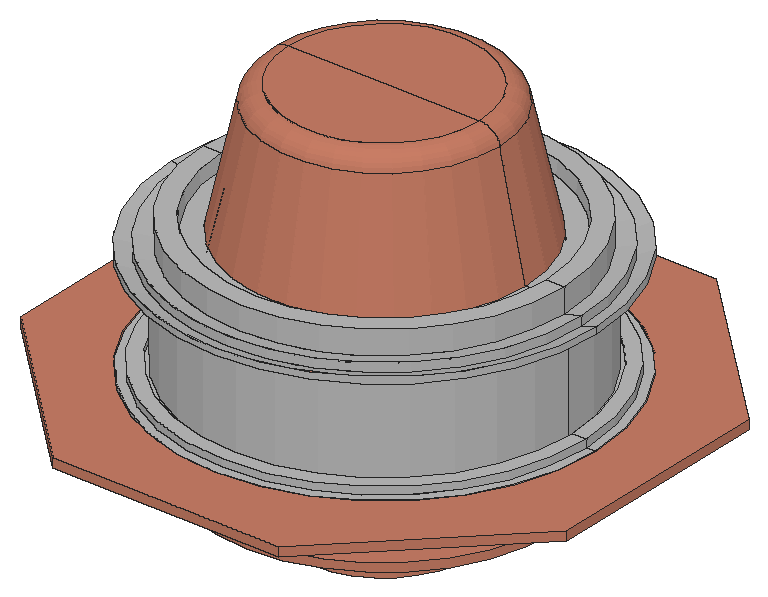
Revit family
Parameters (values of type "1018-06")
  Weight (lb) = 50.49
  Waste Connection = no
  Warranty = "1 year material and workmanship"  # constant formula
  Vent Connection = no
  URL = "http://www.jrsmith.com"
  Threaded = yes
  Technical and Installation = "http://www.jrsmith.com/products/roof/tech_data_index.htm"
  SmartBIM Object Version = 3  # constant formula
  SmartBIM Object Created By = "Reed Construction Data"  # constant formula
  Push On = yes
  Product URL = "http://www.jrsmith.com/products/roof/submittal/d1018.pdf"
  Pipe Radius = Pipe Diameter / 2  # 3"
  Pipe Diameter = 6"
  OmniClass Title = "Roof Drains"  # constant formula
  OmniClass Code = "22-22 14 26 13"  # constant formula
  No Hub = yes
  Model = "1018"  # constant formula
  Material Finish = Cast Iron
  Material = Duco coated
  Manufacturer = "Jay R. Smith Mfg. Co. "  # constant formula
  HW Connection = no
  Dome Free Area = "102.5"
  Description = "Duco cast iron body with flashing clamp, perforated stainless steel extension, gravel stop and polyethylene dome"  # constant formula
  Default Elevation = 0"
  Caulk = yes
  CW Connection = no
  Assembly Code = "D2040200"
  95 CSI = "15165"  # constant formula
  04 CSI = "22 14 35"  # constant formula
Types (5): name | Weight (lb) | Pipe Radius | Pipe Diameter
  1018-02 | 54.93 | 1" | 2"
  1018-03 | 46.8 | 1 1/2" | 3"
  1018-04 | 37.88 | 2" | 4"
  1018-05 | 42.02 | 2 1/2" | 5"
  1018-06 | 50.49 | 3" | 6"
Reference planes (in)
  plane 1 "Center (Front/Back)": y = 0
  plane 2: z = 0
  plane 3 "Center (Left/Right)": x = 0
Forms (in)
  Revolve 1, solid, material "Cast Iron" <- "Material Finish"
    sketch origin (0, 0, 0) x (1, 0, 0) y (0, 0, 1)
      loop
        line (3.28647, -2.55423) -> (3, -2.55423) -> (3, -4.68382) -> (3.28647, -4.68382) -> (3.28647, -2.55423)
      axis (0, -2.55423) -> (0, -4.68382)
    angle from 0 to 360
  Revolve 2, solid, material "Cast Iron" <- "Material Finish"
    sketch origin (0, 0, 0.0625) x (1, 0, 0) y (0, 0, 1)
      loop
        line (3.28647, -2.57353) -> (3.28647, -2.88879) -> (6.29339, -2.88879) -> (6.29339, -2.57353) -> (3.28647, -2.57353)
      axis (0, -2.57353) -> (0, -2.88879)
    angle from 0 to 360
  Revolve 3, solid, material "Cast Iron" <- "Material Finish"
    sketch origin (0, 0, 0.33594) x (1, 0, 0) y (0, 0, 1)
      loop
        line (0, 8.92576) -> (3.52798, 8.92576)
        arc (3.52798, 8.92576) -> (3.76077, 8.84476) -> (3.89299, 8.63676) r 0.375
        line (3.89299, 8.63676) -> (5.92773, 0) -> (6.17336, 0) -> (4.22405, 8.74414)
        arc (4.22405, 8.74414) -> (3.96112, 9.16614) -> (3.49202, 9.33095) r 0.75
        line (3.49202, 9.33095) -> (0, 9.33095) -> (0, 8.92576)
      axis (0, 9.33095) -> (0, 0)
    angle from 0 to 360
  Revolve 4, solid, material "Duco coated" <- "Material"
    sketch origin (0, 0, 0.33594) x (1, 0, 0) y (0, 0, 1)
      loop
        line (6.24903, -0.33909) -> (7.72955, -0.33909) -> (7.72955, 0) -> (7.4029, 0) -> (7.4029, 0.27386) -> (6.89237, 0.27386) -> (6.89237, 0.139) -> (6.73872, 0.139) -> (6.73872, 3.32122) -> (7.76279, 3.83564) -> (7.76279, 4.07841) -> (7.21914, 3.9065) -> (7.21914, 4.23272) -> (6.60149, 4.11239) -> (6.60149, 4.97724) -> (5.93237, 4.97724) -> (5.86374, 4.51401) -> (5.16946, 4.51401) -> (6.24903, -0.33909)
      axis (0, 4.97724) -> (0, -0.33909)
    angle from 0 to 360
  Revolve 5, solid, material "Cast Iron" <- "Material Finish"
    sketch origin (0, 0, 0.33594) x (1, 0, 0) y (0, 0, 1)
      loop
        line (4.47683, -2.88879) -> (4.81502, -2.44455) -> (5.29119, -2.44455)
        arc (5.29119, -2.44455) -> (5.60222, -2.26673) -> (5.725, -1.93015) r 0.52125
        line (5.725, -1.93015) -> (5.87992, -0.91946) -> (7.73878, -0.33456) -> (6.24903, -0.33456) -> (5.07141, -0.33456) -> (5.07141, -2.0347) -> (4.29339, -2.57353) -> (4.29339, -2.88879) -> (4.47683, -2.88879)
      axis (0, -0.33456) -> (0, -2.88879)
    angle from 0 to 360
  Extrusion 6, solid, material "Cast Iron" <- "Material Finish"
    sketch origin (0, 0, 0.33594) x (1, 0, 0) y (0, 1, 0)
      loop
        line (10, 4.14214) -> (4.14214, 10) -> (-4.14214, 10) -> (-10, 4.14214) -> (-10, -4.14214) -> (-4.14214, -10) -> (4.14214, -10) -> (10, -4.14214) -> (10, 4.14214)
      loop
        circle (0, 0) r 7.76279
    from -0.33456 to 0
Cuts and joins
  joined: Revolve 1, Revolve 2
Lines and regions (in)
  model lines
    curve 1: circle (0, -6.75404, 3.39681) r 0.125 normal (0, -1, 0)
    curve 2: circle (0, -6.75404, 2.89681) r 0.125 normal (0, -1, 0)
    curve 3: circle (0, -6.75404, 2.39681) r 0.125 normal (0, -1, 0)
    curve 4: circle (0, -6.75404, 1.89681) r 0.125 normal (0, -1, 0)
    curve 5: circle (0, -6.75404, 1.39681) r 0.125 normal (0, -1, 0)
    curve 6: circle (0, -6.75404, 0.89681) r 0.125 normal (0, -1, 0)
    curve 13: circle (0.70599, -6.71704, 3.39681) r 0.125 normal (0.1045, -0.9945, 0)
    curve 14: circle (0.70599, -6.71704, 2.89681) r 0.125 normal (0.1045, -0.9945, 0)
    curve 15: circle (0.70599, -6.71704, 2.39681) r 0.125 normal (0.1045, -0.9945, 0)
    curve 16: circle (0.70599, -6.71704, 1.89681) r 0.125 normal (0.1045, -0.9945, 0)
    curve 17: circle (0.70599, -6.71704, 1.39681) r 0.125 normal (0.1045, -0.9945, 0)
    curve 18: circle (0.70599, -6.71704, 0.89681) r 0.125 normal (0.1045, -0.9945, 0)
    curve 19: circle (-0.70599, -6.71704, 3.39681) r 0.125 normal (-0.1045, -0.9945, 0)
    curve 20: circle (-0.70599, -6.71704, 2.89681) r 0.125 normal (-0.1045, -0.9945, 0)
    curve 21: circle (-0.70599, -6.71704, 2.39681) r 0.125 normal (-0.1045, -0.9945, 0)
    curve 22: circle (-0.70599, -6.71704, 1.89681) r 0.125 normal (-0.1045, -0.9945, 0)
    curve 23: circle (-0.70599, -6.71704, 1.39681) r 0.125 normal (-0.1045, -0.9945, 0)
    curve 24: circle (-0.70599, -6.71704, 0.89681) r 0.125 normal (-0.1045, -0.9945, 0)
    curve 25: circle (-1.40424, -6.60644, 3.39681) r 0.125 normal (-0.2079, -0.9781, 0)
    curve 26: circle (-1.40424, -6.60644, 2.89681) r 0.125 normal (-0.2079, -0.9781, 0)
    curve 27: circle (-1.40424, -6.60644, 2.39681) r 0.125 normal (-0.2079, -0.9781, 0)
    curve 28: circle (-1.40424, -6.60644, 1.89681) r 0.125 normal (-0.2079, -0.9781, 0)
    curve 29: circle (-1.40424, -6.60644, 1.39681) r 0.125 normal (-0.2079, -0.9781, 0)
    curve 30: circle (-1.40424, -6.60644, 0.89681) r 0.125 normal (-0.2079, -0.9781, 0)
    curve 31: circle (-2.08711, -6.42347, 3.39681) r 0.125 normal (-0.309, -0.9511, 0)
    curve 32: circle (-2.08711, -6.42347, 2.89681) r 0.125 normal (-0.309, -0.9511, 0)
    curve 33: circle (-2.08711, -6.42347, 2.39681) r 0.125 normal (-0.309, -0.9511, 0)
    curve 34: circle (-2.08711, -6.42347, 1.89681) r 0.125 normal (-0.309, -0.9511, 0)
    curve 35: circle (-2.08711, -6.42347, 1.39681) r 0.125 normal (-0.309, -0.9511, 0)
    curve 36: circle (-2.08711, -6.42347, 0.89681) r 0.125 normal (-0.309, -0.9511, 0)
    curve 37: circle (-2.74711, -6.17012, 3.39681) r 0.125 normal (-0.4067, -0.9135, 0)
    curve 38: circle (-2.74711, -6.17012, 2.89681) r 0.125 normal (-0.4067, -0.9135, 0)
    curve 39: circle (-2.74711, -6.17012, 2.39681) r 0.125 normal (-0.4067, -0.9135, 0)
    curve 40: circle (-2.74711, -6.17012, 1.89681) r 0.125 normal (-0.4067, -0.9135, 0)
    curve 41: circle (-2.74711, -6.17012, 1.39681) r 0.125 normal (-0.4067, -0.9135, 0)
    curve 42: circle (-2.74711, -6.17012, 0.89681) r 0.125 normal (-0.4067, -0.9135, 0)
    curve 43: circle (-3.37702, -5.84917, 3.39681) r 0.125 normal (-0.5, -0.866, 0)
    curve 44: circle (-3.37702, -5.84917, 2.89681) r 0.125 normal (-0.5, -0.866, 0)
    curve 45: circle (-3.37702, -5.84917, 2.39681) r 0.125 normal (-0.5, -0.866, 0)
    curve 46: circle (-3.37702, -5.84917, 1.89681) r 0.125 normal (-0.5, -0.866, 0)
    curve 47: circle (-3.37702, -5.84917, 1.39681) r 0.125 normal (-0.5, -0.866, 0)
    curve 48: circle (-3.37702, -5.84917, 0.89681) r 0.125 normal (-0.5, -0.866, 0)
    curve 49: circle (-3.96992, -5.46413, 3.39681) r 0.125 normal (-0.5878, -0.809, 0)
    curve 50: circle (-3.96992, -5.46413, 2.89681) r 0.125 normal (-0.5878, -0.809, 0)
    curve 51: circle (-3.96992, -5.46413, 2.39681) r 0.125 normal (-0.5878, -0.809, 0)
    curve 52: circle (-3.96992, -5.46413, 1.89681) r 0.125 normal (-0.5878, -0.809, 0)
    curve 53: circle (-3.96992, -5.46413, 1.39681) r 0.125 normal (-0.5878, -0.809, 0)
    curve 54: circle (-3.96992, -5.46413, 0.89681) r 0.125 normal (-0.5878, -0.809, 0)
    curve 55: circle (-4.51933, -5.01923, 3.39681) r 0.125 normal (-0.6691, -0.7431, 0)
    curve 56: circle (-4.51933, -5.01923, 2.89681) r 0.125 normal (-0.6691, -0.7431, 0)
    curve 57: circle (-4.51933, -5.01923, 2.39681) r 0.125 normal (-0.6691, -0.7431, 0)
    curve 58: circle (-4.51933, -5.01923, 1.89681) r 0.125 normal (-0.6691, -0.7431, 0)
    curve 59: circle (-4.51933, -5.01923, 1.39681) r 0.125 normal (-0.6691, -0.7431, 0)
    curve 60: circle (-4.51933, -5.01923, 0.89681) r 0.125 normal (-0.6691, -0.7431, 0)
    curve 61: circle (-5.01923, -4.51933, 3.39681) r 0.125 normal (-0.7431, -0.6691, 0)
    curve 62: circle (-5.01923, -4.51933, 2.89681) r 0.125 normal (-0.7431, -0.6691, 0)
    curve 63: circle (-5.01923, -4.51933, 2.39681) r 0.125 normal (-0.7431, -0.6691, 0)
    curve 64: circle (-5.01923, -4.51933, 1.89681) r 0.125 normal (-0.7431, -0.6691, 0)
    curve 65: circle (-5.01923, -4.51933, 1.39681) r 0.125 normal (-0.7431, -0.6691, 0)
    curve 66: circle (-5.01923, -4.51933, 0.89681) r 0.125 normal (-0.7431, -0.6691, 0)
    curve 67: circle (-5.46413, -3.96992, 3.39681) r 0.125 normal (-0.809, -0.5878, 0)
    curve 68: circle (-5.46413, -3.96992, 2.89681) r 0.125 normal (-0.809, -0.5878, 0)
    curve 69: circle (-5.46413, -3.96992, 2.39681) r 0.125 normal (-0.809, -0.5878, 0)
    curve 70: circle (-5.46413, -3.96992, 1.89681) r 0.125 normal (-0.809, -0.5878, 0)
    curve 71: circle (-5.46413, -3.96992, 1.39681) r 0.125 normal (-0.809, -0.5878, 0)
    curve 72: circle (-5.46413, -3.96992, 0.89681) r 0.125 normal (-0.809, -0.5878, 0)
    curve 73: circle (-5.84917, -3.37702, 3.39681) r 0.125 normal (-0.866, -0.5, 0)
    curve 74: circle (-5.84917, -3.37702, 2.89681) r 0.125 normal (-0.866, -0.5, 0)
    curve 75: circle (-5.84917, -3.37702, 2.39681) r 0.125 normal (-0.866, -0.5, 0)
    curve 76: circle (-5.84917, -3.37702, 1.89681) r 0.125 normal (-0.866, -0.5, 0)
    curve 77: circle (-5.84917, -3.37702, 1.39681) r 0.125 normal (-0.866, -0.5, 0)
    curve 78: circle (-5.84917, -3.37702, 0.89681) r 0.125 normal (-0.866, -0.5, 0)
    curve 79: circle (-6.17012, -2.74711, 3.39681) r 0.125 normal (-0.9135, -0.4067, 0)
    curve 80: circle (-6.17012, -2.74711, 2.89681) r 0.125 normal (-0.9135, -0.4067, 0)
    curve 81: circle (-6.17012, -2.74711, 2.39681) r 0.125 normal (-0.9135, -0.4067, 0)
    curve 82: circle (-6.17012, -2.74711, 1.89681) r 0.125 normal (-0.9135, -0.4067, 0)
    curve 83: circle (-6.17012, -2.74711, 1.39681) r 0.125 normal (-0.9135, -0.4067, 0)
    curve 84: circle (-6.17012, -2.74711, 0.89681) r 0.125 normal (-0.9135, -0.4067, 0)
    curve 85: circle (-6.42347, -2.08711, 3.39681) r 0.125 normal (-0.9511, -0.309, 0)
    curve 86: circle (-6.42347, -2.08711, 2.89681) r 0.125 normal (-0.9511, -0.309, 0)
    curve 87: circle (-6.42347, -2.08711, 2.39681) r 0.125 normal (-0.9511, -0.309, 0)
    curve 88: circle (-6.42347, -2.08711, 1.89681) r 0.125 normal (-0.9511, -0.309, 0)
    curve 89: circle (-6.42347, -2.08711, 1.39681) r 0.125 normal (-0.9511, -0.309, 0)
    curve 90: circle (-6.42347, -2.08711, 0.89681) r 0.125 normal (-0.9511, -0.309, 0)
    curve 91: circle (-6.60644, -1.40424, 3.39681) r 0.125 normal (-0.9781, -0.2079, 0)
    curve 92: circle (-6.60644, -1.40424, 2.89681) r 0.125 normal (-0.9781, -0.2079, 0)
    curve 93: circle (-6.60644, -1.40424, 2.39681) r 0.125 normal (-0.9781, -0.2079, 0)
    curve 94: circle (-6.60644, -1.40424, 1.89681) r 0.125 normal (-0.9781, -0.2079, 0)
    curve 95: circle (-6.60644, -1.40424, 1.39681) r 0.125 normal (-0.9781, -0.2079, 0)
    curve 96: circle (-6.60644, -1.40424, 0.89681) r 0.125 normal (-0.9781, -0.2079, 0)
    curve 97: circle (-6.71704, -0.70599, 3.39681) r 0.125 normal (-0.9945, -0.1045, 0)
    curve 98: circle (-6.71704, -0.70599, 2.89681) r 0.125 normal (-0.9945, -0.1045, 0)
    curve 99: circle (-6.71704, -0.70599, 2.39681) r 0.125 normal (-0.9945, -0.1045, 0)
    curve 100: circle (-6.71704, -0.70599, 1.89681) r 0.125 normal (-0.9945, -0.1045, 0)
    curve 101: circle (-6.71704, -0.70599, 1.39681) r 0.125 normal (-0.9945, -0.1045, 0)
    curve 102: circle (-6.71704, -0.70599, 0.89681) r 0.125 normal (-0.9945, -0.1045, 0)
    curve 103: circle (-6.75404, 0, 3.39681) r 0.125 normal (-1, 0, 0)
    curve 104: circle (-6.75404, 0, 2.89681) r 0.125 normal (-1, 0, 0)
    curve 105: circle (-6.75404, 0, 2.39681) r 0.125 normal (-1, 0, 0)
    curve 106: circle (-6.75404, 0, 1.89681) r 0.125 normal (-1, 0, 0)
    curve 107: circle (-6.75404, 0, 1.39681) r 0.125 normal (-1, 0, 0)
    curve 108: circle (-6.75404, 0, 0.89681) r 0.125 normal (-1, 0, 0)
    curve 109: circle (-6.71704, 0.70599, 3.39681) r 0.125 normal (-0.9945, 0.1045, 0)
    curve 110: circle (-6.71704, 0.70599, 2.89681) r 0.125 normal (-0.9945, 0.1045, 0)
    curve 111: circle (-6.71704, 0.70599, 2.39681) r 0.125 normal (-0.9945, 0.1045, 0)
    curve 112: circle (-6.71704, 0.70599, 1.89681) r 0.125 normal (-0.9945, 0.1045, 0)
    curve 113: circle (-6.71704, 0.70599, 1.39681) r 0.125 normal (-0.9945, 0.1045, 0)
    curve 114: circle (-6.71704, 0.70599, 0.89681) r 0.125 normal (-0.9945, 0.1045, 0)
    curve 115: circle (-6.60644, 1.40424, 3.39681) r 0.125 normal (-0.9781, 0.2079, 0)
    curve 116: circle (-6.60644, 1.40424, 2.89681) r 0.125 normal (-0.9781, 0.2079, 0)
    curve 117: circle (-6.60644, 1.40424, 2.39681) r 0.125 normal (-0.9781, 0.2079, 0)
    curve 118: circle (-6.60644, 1.40424, 1.89681) r 0.125 normal (-0.9781, 0.2079, 0)
    curve 119: circle (-6.60644, 1.40424, 1.39681) r 0.125 normal (-0.9781, 0.2079, 0)
    curve 120: circle (-6.60644, 1.40424, 0.89681) r 0.125 normal (-0.9781, 0.2079, 0)
    curve 121: circle (-6.42347, 2.08711, 3.39681) r 0.125 normal (-0.9511, 0.309, 0)
    curve 122: circle (-6.42347, 2.08711, 2.89681) r 0.125 normal (-0.9511, 0.309, 0)
    curve 123: circle (-6.42347, 2.08711, 2.39681) r 0.125 normal (-0.9511, 0.309, 0)
    curve 124: circle (-6.42347, 2.08711, 1.89681) r 0.125 normal (-0.9511, 0.309, 0)
    curve 125: circle (-6.42347, 2.08711, 1.39681) r 0.125 normal (-0.9511, 0.309, 0)
    curve 126: circle (-6.42347, 2.08711, 0.89681) r 0.125 normal (-0.9511, 0.309, 0)
    curve 127: circle (-6.17012, 2.74711, 3.39681) r 0.125 normal (-0.9135, 0.4067, 0)
    curve 128: circle (-6.17012, 2.74711, 2.89681) r 0.125 normal (-0.9135, 0.4067, 0)
    curve 129: circle (-6.17012, 2.74711, 2.39681) r 0.125 normal (-0.9135, 0.4067, 0)
    curve 130: circle (-6.17012, 2.74711, 1.89681) r 0.125 normal (-0.9135, 0.4067, 0)
    curve 131: circle (-6.17012, 2.74711, 1.39681) r 0.125 normal (-0.9135, 0.4067, 0)
    curve 132: circle (-6.17012, 2.74711, 0.89681) r 0.125 normal (-0.9135, 0.4067, 0)
    curve 133: circle (-5.84917, 3.37702, 3.39681) r 0.125 normal (-0.866, 0.5, 0)
    curve 134: circle (-5.84917, 3.37702, 2.89681) r 0.125 normal (-0.866, 0.5, 0)
    curve 135: circle (-5.84917, 3.37702, 2.39681) r 0.125 normal (-0.866, 0.5, 0)
    curve 136: circle (-5.84917, 3.37702, 1.89681) r 0.125 normal (-0.866, 0.5, 0)
    curve 137: circle (-5.84917, 3.37702, 1.39681) r 0.125 normal (-0.866, 0.5, 0)
    curve 138: circle (-5.84917, 3.37702, 0.89681) r 0.125 normal (-0.866, 0.5, 0)
    curve 139: circle (-5.46413, 3.96992, 3.39681) r 0.125 normal (-0.809, 0.5878, 0)
    curve 140: circle (-5.46413, 3.96992, 2.89681) r 0.125 normal (-0.809, 0.5878, 0)
    curve 141: circle (-5.46413, 3.96992, 2.39681) r 0.125 normal (-0.809, 0.5878, 0)
    curve 142: circle (-5.46413, 3.96992, 1.89681) r 0.125 normal (-0.809, 0.5878, 0)
    curve 143: circle (-5.46413, 3.96992, 1.39681) r 0.125 normal (-0.809, 0.5878, 0)
    curve 144: circle (-5.46413, 3.96992, 0.89681) r 0.125 normal (-0.809, 0.5878, 0)
    curve 145: circle (-5.01923, 4.51933, 3.39681) r 0.125 normal (-0.7431, 0.6691, 0)
    curve 146: circle (-5.01923, 4.51933, 2.89681) r 0.125 normal (-0.7431, 0.6691, 0)
    curve 147: circle (-5.01923, 4.51933, 2.39681) r 0.125 normal (-0.7431, 0.6691, 0)
    curve 148: circle (-5.01923, 4.51933, 1.89681) r 0.125 normal (-0.7431, 0.6691, 0)
    curve 149: circle (-5.01923, 4.51933, 1.39681) r 0.125 normal (-0.7431, 0.6691, 0)
    curve 150: circle (-5.01923, 4.51933, 0.89681) r 0.125 normal (-0.7431, 0.6691, 0)
    curve 151: circle (-4.51933, 5.01923, 3.39681) r 0.125 normal (-0.6691, 0.7431, 0)
    curve 152: circle (-4.51933, 5.01923, 2.89681) r 0.125 normal (-0.6691, 0.7431, 0)
    curve 153: circle (-4.51933, 5.01923, 2.39681) r 0.125 normal (-0.6691, 0.7431, 0)
    curve 154: circle (-4.51933, 5.01923, 1.89681) r 0.125 normal (-0.6691, 0.7431, 0)
    curve 155: circle (-4.51933, 5.01923, 1.39681) r 0.125 normal (-0.6691, 0.7431, 0)
    curve 156: circle (-4.51933, 5.01923, 0.89681) r 0.125 normal (-0.6691, 0.7431, 0)
    curve 157: circle (-3.96992, 5.46413, 3.39681) r 0.125 normal (-0.5878, 0.809, 0)
    curve 158: circle (-3.96992, 5.46413, 2.89681) r 0.125 normal (-0.5878, 0.809, 0)
    curve 159: circle (-3.96992, 5.46413, 2.39681) r 0.125 normal (-0.5878, 0.809, 0)
    curve 160: circle (-3.96992, 5.46413, 1.89681) r 0.125 normal (-0.5878, 0.809, 0)
    curve 161: circle (-3.96992, 5.46413, 1.39681) r 0.125 normal (-0.5878, 0.809, 0)
    curve 162: circle (-3.96992, 5.46413, 0.89681) r 0.125 normal (-0.5878, 0.809, 0)
    curve 163: circle (-3.37702, 5.84917, 3.39681) r 0.125 normal (-0.5, 0.866, 0)
    curve 164: circle (-3.37702, 5.84917, 2.89681) r 0.125 normal (-0.5, 0.866, 0)
    curve 165: circle (-3.37702, 5.84917, 2.39681) r 0.125 normal (-0.5, 0.866, 0)
    curve 166: circle (-3.37702, 5.84917, 1.89681) r 0.125 normal (-0.5, 0.866, 0)
    curve 167: circle (-3.37702, 5.84917, 1.39681) r 0.125 normal (-0.5, 0.866, 0)
    curve 168: circle (-3.37702, 5.84917, 0.89681) r 0.125 normal (-0.5, 0.866, 0)
    curve 169: circle (-2.74711, 6.17012, 3.39681) r 0.125 normal (-0.4067, 0.9135, 0)
    curve 170: circle (-2.74711, 6.17012, 2.89681) r 0.125 normal (-0.4067, 0.9135, 0)
    curve 171: circle (-2.74711, 6.17012, 2.39681) r 0.125 normal (-0.4067, 0.9135, 0)
    curve 172: circle (-2.74711, 6.17012, 1.89681) r 0.125 normal (-0.4067, 0.9135, 0)
    curve 173: circle (-2.74711, 6.17012, 1.39681) r 0.125 normal (-0.4067, 0.9135, 0)
    curve 174: circle (-2.74711, 6.17012, 0.89681) r 0.125 normal (-0.4067, 0.9135, 0)
    curve 175: circle (-2.08711, 6.42347, 3.39681) r 0.125 normal (-0.309, 0.9511, 0)
    curve 176: circle (-2.08711, 6.42347, 2.89681) r 0.125 normal (-0.309, 0.9511, 0)
    curve 177: circle (-2.08711, 6.42347, 2.39681) r 0.125 normal (-0.309, 0.9511, 0)
    curve 178: circle (-2.08711, 6.42347, 1.89681) r 0.125 normal (-0.309, 0.9511, 0)
    curve 179: circle (-2.08711, 6.42347, 1.39681) r 0.125 normal (-0.309, 0.9511, 0)
    curve 180: circle (-2.08711, 6.42347, 0.89681) r 0.125 normal (-0.309, 0.9511, 0)
    curve 181: circle (-1.40424, 6.60644, 3.39681) r 0.125 normal (-0.2079, 0.9781, 0)
    curve 182: circle (-1.40424, 6.60644, 2.89681) r 0.125 normal (-0.2079, 0.9781, 0)
    curve 183: circle (-1.40424, 6.60644, 2.39681) r 0.125 normal (-0.2079, 0.9781, 0)
    curve 184: circle (-1.40424, 6.60644, 1.89681) r 0.125 normal (-0.2079, 0.9781, 0)
    curve 185: circle (-1.40424, 6.60644, 1.39681) r 0.125 normal (-0.2079, 0.9781, 0)
    curve 186: circle (-1.40424, 6.60644, 0.89681) r 0.125 normal (-0.2079, 0.9781, 0)
    curve 187: circle (-0.70599, 6.71704, 3.39681) r 0.125 normal (-0.1045, 0.9945, 0)
    curve 188: circle (-0.70599, 6.71704, 2.89681) r 0.125 normal (-0.1045, 0.9945, 0)
    curve 189: circle (-0.70599, 6.71704, 2.39681) r 0.125 normal (-0.1045, 0.9945, 0)
    curve 190: circle (-0.70599, 6.71704, 1.89681) r 0.125 normal (-0.1045, 0.9945, 0)
    curve 191: circle (-0.70599, 6.71704, 1.39681) r 0.125 normal (-0.1045, 0.9945, 0)
    curve 192: circle (-0.70599, 6.71704, 0.89681) r 0.125 normal (-0.1045, 0.9945, 0)
    curve 193: circle (0, 6.75404, 3.39681) r 0.125 normal (0, 1, 0)
    curve 194: circle (0, 6.75404, 2.89681) r 0.125 normal (0, 1, 0)
    curve 195: circle (0, 6.75404, 2.39681) r 0.125 normal (0, 1, 0)
    curve 196: circle (0, 6.75404, 1.89681) r 0.125 normal (0, 1, 0)
    curve 197: circle (0, 6.75404, 1.39681) r 0.125 normal (0, 1, 0)
    curve 198: circle (0, 6.75404, 0.89681) r 0.125 normal (0, 1, 0)
    curve 199: circle (0.70599, 6.71704, 3.39681) r 0.125 normal (0.1045, 0.9945, 0)
    curve 200: circle (0.70599, 6.71704, 2.89681) r 0.125 normal (0.1045, 0.9945, 0)
    curve 201: circle (0.70599, 6.71704, 2.39681) r 0.125 normal (0.1045, 0.9945, 0)
    curve 202: circle (0.70599, 6.71704, 1.89681) r 0.125 normal (0.1045, 0.9945, 0)
    curve 203: circle (0.70599, 6.71704, 1.39681) r 0.125 normal (0.1045, 0.9945, 0)
    curve 204: circle (0.70599, 6.71704, 0.89681) r 0.125 normal (0.1045, 0.9945, 0)
    curve 205: circle (1.40424, 6.60644, 3.39681) r 0.125 normal (0.2079, 0.9781, 0)
    curve 206: circle (1.40424, 6.60644, 2.89681) r 0.125 normal (0.2079, 0.9781, 0)
    curve 207: circle (1.40424, 6.60644, 2.39681) r 0.125 normal (0.2079, 0.9781, 0)
    curve 208: circle (1.40424, 6.60644, 1.89681) r 0.125 normal (0.2079, 0.9781, 0)
    curve 209: circle (1.40424, 6.60644, 1.39681) r 0.125 normal (0.2079, 0.9781, 0)
    curve 210: circle (1.40424, 6.60644, 0.89681) r 0.125 normal (0.2079, 0.9781, 0)
    curve 211: circle (2.08711, 6.42347, 3.39681) r 0.125 normal (0.309, 0.9511, 0)
    curve 212: circle (2.08711, 6.42347, 2.89681) r 0.125 normal (0.309, 0.9511, 0)
    curve 213: circle (2.08711, 6.42347, 2.39681) r 0.125 normal (0.309, 0.9511, 0)
    curve 214: circle (2.08711, 6.42347, 1.89681) r 0.125 normal (0.309, 0.9511, 0)
    curve 215: circle (2.08711, 6.42347, 1.39681) r 0.125 normal (0.309, 0.9511, 0)
    curve 216: circle (2.08711, 6.42347, 0.89681) r 0.125 normal (0.309, 0.9511, 0)
    curve 217: circle (2.74711, 6.17012, 3.39681) r 0.125 normal (0.4067, 0.9135, 0)
    curve 218: circle (2.74711, 6.17012, 2.89681) r 0.125 normal (0.4067, 0.9135, 0)
    curve 219: circle (2.74711, 6.17012, 2.39681) r 0.125 normal (0.4067, 0.9135, 0)
    curve 220: circle (2.74711, 6.17012, 1.89681) r 0.125 normal (0.4067, 0.9135, 0)
    curve 221: circle (2.74711, 6.17012, 1.39681) r 0.125 normal (0.4067, 0.9135, 0)
    curve 222: circle (2.74711, 6.17012, 0.89681) r 0.125 normal (0.4067, 0.9135, 0)
    curve 223: circle (3.37702, 5.84917, 3.39681) r 0.125 normal (0.5, 0.866, 0)
    curve 224: circle (3.37702, 5.84917, 2.89681) r 0.125 normal (0.5, 0.866, 0)
    curve 225: circle (3.37702, 5.84917, 2.39681) r 0.125 normal (0.5, 0.866, 0)
    curve 226: circle (3.37702, 5.84917, 1.89681) r 0.125 normal (0.5, 0.866, 0)
    curve 227: circle (3.37702, 5.84917, 1.39681) r 0.125 normal (0.5, 0.866, 0)
    curve 228: circle (3.37702, 5.84917, 0.89681) r 0.125 normal (0.5, 0.866, 0)
    curve 229: circle (3.96992, 5.46413, 3.39681) r 0.125 normal (0.5878, 0.809, 0)
    curve 230: circle (3.96992, 5.46413, 2.89681) r 0.125 normal (0.5878, 0.809, 0)
    curve 231: circle (3.96992, 5.46413, 2.39681) r 0.125 normal (0.5878, 0.809, 0)
    curve 232: circle (3.96992, 5.46413, 1.89681) r 0.125 normal (0.5878, 0.809, 0)
    curve 233: circle (3.96992, 5.46413, 1.39681) r 0.125 normal (0.5878, 0.809, 0)
    curve 234: circle (3.96992, 5.46413, 0.89681) r 0.125 normal (0.5878, 0.809, 0)
    curve 235: circle (4.51933, 5.01923, 3.39681) r 0.125 normal (0.6691, 0.7431, 0)
    curve 236: circle (4.51933, 5.01923, 2.89681) r 0.125 normal (0.6691, 0.7431, 0)
    curve 237: circle (4.51933, 5.01923, 2.39681) r 0.125 normal (0.6691, 0.7431, 0)
    curve 238: circle (4.51933, 5.01923, 1.89681) r 0.125 normal (0.6691, 0.7431, 0)
    curve 239: circle (4.51933, 5.01923, 1.39681) r 0.125 normal (0.6691, 0.7431, 0)
    curve 240: circle (4.51933, 5.01923, 0.89681) r 0.125 normal (0.6691, 0.7431, 0)
    curve 241: circle (5.01923, 4.51933, 3.39681) r 0.125 normal (0.7431, 0.6691, 0)
    curve 242: circle (5.01923, 4.51933, 2.89681) r 0.125 normal (0.7431, 0.6691, 0)
    curve 243: circle (5.01923, 4.51933, 2.39681) r 0.125 normal (0.7431, 0.6691, 0)
    curve 244: circle (5.01923, 4.51933, 1.89681) r 0.125 normal (0.7431, 0.6691, 0)
    curve 245: circle (5.01923, 4.51933, 1.39681) r 0.125 normal (0.7431, 0.6691, 0)
    curve 246: circle (5.01923, 4.51933, 0.89681) r 0.125 normal (0.7431, 0.6691, 0)
    curve 247: circle (5.46413, 3.96992, 3.39681) r 0.125 normal (0.809, 0.5878, 0)
    curve 248: circle (5.46413, 3.96992, 2.89681) r 0.125 normal (0.809, 0.5878, 0)
    curve 249: circle (5.46413, 3.96992, 2.39681) r 0.125 normal (0.809, 0.5878, 0)
    curve 250: circle (5.46413, 3.96992, 1.89681) r 0.125 normal (0.809, 0.5878, 0)
    curve 251: circle (5.46413, 3.96992, 1.39681) r 0.125 normal (0.809, 0.5878, 0)
    curve 252: circle (5.46413, 3.96992, 0.89681) r 0.125 normal (0.809, 0.5878, 0)
    curve 253: circle (5.84917, 3.37702, 3.39681) r 0.125 normal (0.866, 0.5, 0)
    curve 254: circle (5.84917, 3.37702, 2.89681) r 0.125 normal (0.866, 0.5, 0)
    curve 255: circle (5.84917, 3.37702, 2.39681) r 0.125 normal (0.866, 0.5, 0)
    curve 256: circle (5.84917, 3.37702, 1.89681) r 0.125 normal (0.866, 0.5, 0)
    curve 257: circle (5.84917, 3.37702, 1.39681) r 0.125 normal (0.866, 0.5, 0)
    curve 258: circle (5.84917, 3.37702, 0.89681) r 0.125 normal (0.866, 0.5, 0)
    curve 259: circle (6.17012, 2.74711, 3.39681) r 0.125 normal (0.9135, 0.4067, 0)
    curve 260: circle (6.17012, 2.74711, 2.89681) r 0.125 normal (0.9135, 0.4067, 0)
    curve 261: circle (6.17012, 2.74711, 2.39681) r 0.125 normal (0.9135, 0.4067, 0)
    curve 262: circle (6.17012, 2.74711, 1.89681) r 0.125 normal (0.9135, 0.4067, 0)
    curve 263: circle (6.17012, 2.74711, 1.39681) r 0.125 normal (0.9135, 0.4067, 0)
    curve 264: circle (6.17012, 2.74711, 0.89681) r 0.125 normal (0.9135, 0.4067, 0)
    curve 265: circle (6.42347, 2.08711, 3.39681) r 0.125 normal (0.9511, 0.309, 0)
    curve 266: circle (6.42347, 2.08711, 2.89681) r 0.125 normal (0.9511, 0.309, 0)
    curve 267: circle (6.42347, 2.08711, 2.39681) r 0.125 normal (0.9511, 0.309, 0)
    curve 268: circle (6.42347, 2.08711, 1.89681) r 0.125 normal (0.9511, 0.309, 0)
    curve 269: circle (6.42347, 2.08711, 1.39681) r 0.125 normal (0.9511, 0.309, 0)
    curve 270: circle (6.42347, 2.08711, 0.89681) r 0.125 normal (0.9511, 0.309, 0)
    curve 271: circle (6.60644, 1.40424, 3.39681) r 0.125 normal (0.9781, 0.2079, 0)
    curve 272: circle (6.60644, 1.40424, 2.89681) r 0.125 normal (0.9781, 0.2079, 0)
    curve 273: circle (6.60644, 1.40424, 2.39681) r 0.125 normal (0.9781, 0.2079, 0)
    curve 274: circle (6.60644, 1.40424, 1.89681) r 0.125 normal (0.9781, 0.2079, 0)
    curve 275: circle (6.60644, 1.40424, 1.39681) r 0.125 normal (0.9781, 0.2079, 0)
    curve 276: circle (6.60644, 1.40424, 0.89681) r 0.125 normal (0.9781, 0.2079, 0)
    curve 277: circle (6.71704, 0.70599, 3.39681) r 0.125 normal (0.9945, 0.1045, 0)
    curve 278: circle (6.71704, 0.70599, 2.89681) r 0.125 normal (0.9945, 0.1045, 0)
    curve 279: circle (6.71704, 0.70599, 2.39681) r 0.125 normal (0.9945, 0.1045, 0)
    curve 280: circle (6.71704, 0.70599, 1.89681) r 0.125 normal (0.9945, 0.1045, 0)
    curve 281: circle (6.71704, 0.70599, 1.39681) r 0.125 normal (0.9945, 0.1045, 0)
    curve 282: circle (6.71704, 0.70599, 0.89681) r 0.125 normal (0.9945, 0.1045, 0)
    curve 283: circle (6.75404, 0, 3.39681) r 0.125 normal (1, 0, 0)
    curve 284: circle (6.75404, 0, 2.89681) r 0.125 normal (1, 0, 0)
    curve 285: circle (6.75404, 0, 2.39681) r 0.125 normal (1, 0, 0)
    curve 286: circle (6.75404, 0, 1.89681) r 0.125 normal (1, 0, 0)
    curve 287: circle (6.75404, 0, 1.39681) r 0.125 normal (1, 0, 0)
    curve 288: circle (6.75404, 0, 0.89681) r 0.125 normal (1, 0, 0)
    curve 289: circle (6.71704, -0.70599, 3.39681) r 0.125 normal (0.9945, -0.1045, 0)
    curve 290: circle (6.71704, -0.70599, 2.89681) r 0.125 normal (0.9945, -0.1045, 0)
    curve 291: circle (6.71704, -0.70599, 2.39681) r 0.125 normal (0.9945, -0.1045, 0)
    curve 292: circle (6.71704, -0.70599, 1.89681) r 0.125 normal (0.9945, -0.1045, 0)
    curve 293: circle (6.71704, -0.70599, 1.39681) r 0.125 normal (0.9945, -0.1045, 0)
    curve 294: circle (6.71704, -0.70599, 0.89681) r 0.125 normal (0.9945, -0.1045, 0)
    curve 295: circle (6.60644, -1.40424, 3.39681) r 0.125 normal (0.9781, -0.2079, 0)
    curve 296: circle (6.60644, -1.40424, 2.89681) r 0.125 normal (0.9781, -0.2079, 0)
    curve 297: circle (6.60644, -1.40424, 2.39681) r 0.125 normal (0.9781, -0.2079, 0)
    curve 298: circle (6.60644, -1.40424, 1.89681) r 0.125 normal (0.9781, -0.2079, 0)
    curve 299: circle (6.60644, -1.40424, 1.39681) r 0.125 normal (0.9781, -0.2079, 0)
    curve 300: circle (6.60644, -1.40424, 0.89681) r 0.125 normal (0.9781, -0.2079, 0)
    curve 301: circle (6.42347, -2.08711, 3.39681) r 0.125 normal (0.9511, -0.309, 0)
    curve 302: circle (6.42347, -2.08711, 2.89681) r 0.125 normal (0.9511, -0.309, 0)
    curve 303: circle (6.42347, -2.08711, 2.39681) r 0.125 normal (0.9511, -0.309, 0)
    curve 304: circle (6.42347, -2.08711, 1.89681) r 0.125 normal (0.9511, -0.309, 0)
    curve 305: circle (6.42347, -2.08711, 1.39681) r 0.125 normal (0.9511, -0.309, 0)
    curve 306: circle (6.42347, -2.08711, 0.89681) r 0.125 normal (0.9511, -0.309, 0)
    curve 307: circle (6.17012, -2.74711, 3.39681) r 0.125 normal (0.9135, -0.4067, 0)
    curve 308: circle (6.17012, -2.74711, 2.89681) r 0.125 normal (0.9135, -0.4067, 0)
    curve 309: circle (6.17012, -2.74711, 2.39681) r 0.125 normal (0.9135, -0.4067, 0)
    curve 310: circle (6.17012, -2.74711, 1.89681) r 0.125 normal (0.9135, -0.4067, 0)
    curve 311: circle (6.17012, -2.74711, 1.39681) r 0.125 normal (0.9135, -0.4067, 0)
    curve 312: circle (6.17012, -2.74711, 0.89681) r 0.125 normal (0.9135, -0.4067, 0)
    curve 313: circle (5.84917, -3.37702, 3.39681) r 0.125 normal (0.866, -0.5, 0)
    curve 314: circle (5.84917, -3.37702, 2.89681) r 0.125 normal (0.866, -0.5, 0)
    curve 315: circle (5.84917, -3.37702, 2.39681) r 0.125 normal (0.866, -0.5, 0)
    curve 316: circle (5.84917, -3.37702, 1.89681) r 0.125 normal (0.866, -0.5, 0)
    curve 317: circle (5.84917, -3.37702, 1.39681) r 0.125 normal (0.866, -0.5, 0)
    curve 318: circle (5.84917, -3.37702, 0.89681) r 0.125 normal (0.866, -0.5, 0)
    curve 319: circle (5.46413, -3.96992, 3.39681) r 0.125 normal (0.809, -0.5878, 0)
    curve 320: circle (5.46413, -3.96992, 2.89681) r 0.125 normal (0.809, -0.5878, 0)
    curve 321: circle (5.46413, -3.96992, 2.39681) r 0.125 normal (0.809, -0.5878, 0)
    curve 322: circle (5.46413, -3.96992, 1.89681) r 0.125 normal (0.809, -0.5878, 0)
    curve 323: circle (5.46413, -3.96992, 1.39681) r 0.125 normal (0.809, -0.5878, 0)
    curve 324: circle (5.46413, -3.96992, 0.89681) r 0.125 normal (0.809, -0.5878, 0)
    curve 325: circle (5.01923, -4.51933, 3.39681) r 0.125 normal (0.7431, -0.6691, 0)
    curve 326: circle (5.01923, -4.51933, 2.89681) r 0.125 normal (0.7431, -0.6691, 0)
    curve 327: circle (5.01923, -4.51933, 2.39681) r 0.125 normal (0.7431, -0.6691, 0)
    curve 328: circle (5.01923, -4.51933, 1.89681) r 0.125 normal (0.7431, -0.6691, 0)
    curve 329: circle (5.01923, -4.51933, 1.39681) r 0.125 normal (0.7431, -0.6691, 0)
    curve 330: circle (5.01923, -4.51933, 0.89681) r 0.125 normal (0.7431, -0.6691, 0)
    curve 331: circle (4.51933, -5.01923, 3.39681) r 0.125 normal (0.6691, -0.7431, 0)
    curve 332: circle (4.51933, -5.01923, 2.89681) r 0.125 normal (0.6691, -0.7431, 0)
    curve 333: circle (4.51933, -5.01923, 2.39681) r 0.125 normal (0.6691, -0.7431, 0)
    curve 334: circle (4.51933, -5.01923, 1.89681) r 0.125 normal (0.6691, -0.7431, 0)
    curve 335: circle (4.51933, -5.01923, 1.39681) r 0.125 normal (0.6691, -0.7431, 0)
    curve 336: circle (4.51933, -5.01923, 0.89681) r 0.125 normal (0.6691, -0.7431, 0)
    curve 337: circle (3.96992, -5.46413, 3.39681) r 0.125 normal (0.5878, -0.809, 0)
    curve 338: circle (3.96992, -5.46413, 2.89681) r 0.125 normal (0.5878, -0.809, 0)
    curve 339: circle (3.96992, -5.46413, 2.39681) r 0.125 normal (0.5878, -0.809, 0)
    curve 340: circle (3.96992, -5.46413, 1.89681) r 0.125 normal (0.5878, -0.809, 0)
    curve 341: circle (3.96992, -5.46413, 1.39681) r 0.125 normal (0.5878, -0.809, 0)
    curve 342: circle (3.96992, -5.46413, 0.89681) r 0.125 normal (0.5878, -0.809, 0)
    curve 343: circle (3.37702, -5.84917, 3.39681) r 0.125 normal (0.5, -0.866, 0)
    curve 344: circle (3.37702, -5.84917, 2.89681) r 0.125 normal (0.5, -0.866, 0)
    curve 345: circle (3.37702, -5.84917, 2.39681) r 0.125 normal (0.5, -0.866, 0)
    curve 346: circle (3.37702, -5.84917, 1.89681) r 0.125 normal (0.5, -0.866, 0)
    curve 347: circle (3.37702, -5.84917, 1.39681) r 0.125 normal (0.5, -0.866, 0)
    curve 348: circle (3.37702, -5.84917, 0.89681) r 0.125 normal (0.5, -0.866, 0)
    curve 349: circle (2.74711, -6.17012, 3.39681) r 0.125 normal (0.4067, -0.9135, 0)
    curve 350: circle (2.74711, -6.17012, 2.89681) r 0.125 normal (0.4067, -0.9135, 0)
    curve 351: circle (2.74711, -6.17012, 2.39681) r 0.125 normal (0.4067, -0.9135, 0)
    curve 352: circle (2.74711, -6.17012, 1.89681) r 0.125 normal (0.4067, -0.9135, 0)
    curve 353: circle (2.74711, -6.17012, 1.39681) r 0.125 normal (0.4067, -0.9135, 0)
    curve 354: circle (2.74711, -6.17012, 0.89681) r 0.125 normal (0.4067, -0.9135, 0)
    curve 355: circle (2.08711, -6.42347, 3.39681) r 0.125 normal (0.309, -0.9511, 0)
    curve 356: circle (2.08711, -6.42347, 2.89681) r 0.125 normal (0.309, -0.9511, 0)
    curve 357: circle (2.08711, -6.42347, 2.39681) r 0.125 normal (0.309, -0.9511, 0)
    curve 358: circle (2.08711, -6.42347, 1.89681) r 0.125 normal (0.309, -0.9511, 0)
    curve 359: circle (2.08711, -6.42347, 1.39681) r 0.125 normal (0.309, -0.9511, 0)
    curve 360: circle (2.08711, -6.42347, 0.89681) r 0.125 normal (0.309, -0.9511, 0)
    curve 361: circle (1.40424, -6.60644, 3.39681) r 0.125 normal (0.2079, -0.9781, 0)
    curve 362: circle (1.40424, -6.60644, 2.89681) r 0.125 normal (0.2079, -0.9781, 0)
    curve 363: circle (1.40424, -6.60644, 2.39681) r 0.125 normal (0.2079, -0.9781, 0)
    curve 364: circle (1.40424, -6.60644, 1.89681) r 0.125 normal (0.2079, -0.9781, 0)
    curve 365: circle (1.40424, -6.60644, 1.39681) r 0.125 normal (0.2079, -0.9781, 0)
    curve 366: circle (1.40424, -6.60644, 0.89681) r 0.125 normal (0.2079, -0.9781, 0)
    curve 367: line (4.37914, -0.29063, 8.79715) -> (5.10903, -0.29063, 5.53529)
    curve 368: line (4.37613, 0.12931, 8.81058) -> (5.10903, 0.12931, 5.53529)
    curve 369: line (5.10903, -0.29063, 5.53529) -> (5.10903, 0.12931, 5.53529)
    curve 370: arc (4.37914, -0.29063, 8.79715) -> (4.33026, -0.08777, 9.0156) -> (4.37613, 0.12931, 8.81058) r 0.21019
    curve 375: line (4.23435, -1.15396, 8.79715) -> (4.94972, -1.29882, 5.53529)
    curve 376: line (4.31475, -0.74178, 8.81058) -> (5.03306, -0.88724, 5.53529)
    curve 377: line (4.94972, -1.29882, 5.53529) -> (5.03306, -0.88724, 5.53529)
    curve 378: arc (4.23435, -1.15396, 8.79715) -> (4.2267, -0.94544, 9.0156) -> (4.31475, -0.74178, 8.81058) r 0.21019
    curve 379: line (4.34366, 0.62764, 8.79715) -> (5.05755, 0.77963, 5.53529)
    curve 380: line (4.25327, 1.03775, 8.81058) -> (4.97011, 1.19036, 5.53529)
    curve 381: line (5.05755, 0.77963, 5.53529) -> (4.97011, 1.19036, 5.53529)
    curve 382: arc (4.34366, 0.62764, 8.79715) -> (4.25361, 0.81587, 9.0156) -> (4.25327, 1.03775, 8.81058) r 0.21019
    curve 383: line (4.11774, 1.51839, 8.79715) -> (4.78433, 1.81571, 5.53529)
    curve 384: line (3.94394, 1.90069, 8.81058) -> (4.61327, 2.19923, 5.53529)
    curve 385: line (4.78433, 1.81571, 5.53529) -> (4.61327, 2.19923, 5.53529)
    curve 386: arc (4.11774, 1.51839, 8.79715) -> (3.99047, 1.68375, 9.0156) -> (3.94394, 1.90069, 8.81058) r 0.21019
    curve 387: line (3.71129, 2.34258, 8.79715) -> (4.30136, 2.77218, 5.53529)
    curve 388: line (3.46169, 2.6803, 8.81058) -> (4.05418, 3.11167, 5.53529)
    curve 389: line (4.30136, 2.77218, 5.53529) -> (4.05418, 3.11167, 5.53529)
    curve 390: arc (3.71129, 2.34258, 8.79715) -> (3.55237, 2.4778, 9.0156) -> (3.46169, 2.6803, 8.81058) r 0.21019
    curve 391: line (3.14212, 3.06405, 8.79715) -> (3.62979, 3.60711, 5.53529)
    curve 392: line (2.82766, 3.34239, 8.81058) -> (3.31734, 3.88769, 5.53529)
    curve 393: line (3.62979, 3.60711, 5.53529) -> (3.31734, 3.88769, 5.53529)
    curve 394: arc (3.14212, 3.06405, 8.79715) -> (2.95853, 3.16322, 9.0156) -> (2.82766, 3.34239, 8.81058) r 0.21019
    curve 395: line (2.43519, 3.65119, 8.79715) -> (2.79909, 4.2839, 5.53529)
    curve 396: line (2.06967, 3.85795, 8.81058) -> (2.43506, 4.49326, 5.53529)
    curve 397: line (2.79909, 4.2839, 5.53529) -> (2.43506, 4.49326, 5.53529)
    curve 398: arc (2.43519, 3.65119, 8.79715) -> (2.23498, 3.70995, 9.0156) -> (2.06967, 3.85795, 8.81058) r 0.21019
    curve 399: line (1.6215, 4.07825, 8.79715) -> (1.84566, 4.77286, 5.53529)
    curve 400: line (1.22093, 4.20435, 8.81058) -> (1.44602, 4.90183, 5.53529)
    curve 401: line (1.84566, 4.77286, 5.53529) -> (1.44602, 4.90183, 5.53529)
    curve 402: arc (1.6215, 4.07825, 8.79715) -> (1.41343, 4.09403, 9.0156) -> (1.22093, 4.20435, 8.81058) r 0.21019
    curve 403: line (0.73671, 4.3265, 8.79715) -> (0.81131, 5.05257, 5.53529)
    curve 404: line (0.31866, 4.36643, 8.81058) -> (0.39357, 5.09549, 5.53529)
    curve 405: line (0.81131, 5.05257, 5.53529) -> (0.39357, 5.09549, 5.53529)
    curve 406: arc (0.73671, 4.3265, 8.79715) -> (0.52992, 4.29861, 9.0156) -> (0.31866, 4.36643, 8.81058) r 0.21019
    curve 407: line (-0.18038, 4.38507, 8.79715) -> (-0.2586, 5.11075, 5.53529)
    curve 408: line (-0.59758, 4.33707, 8.81058) -> (-0.67612, 5.06575, 5.53529)
    curve 409: line (-0.2586, 5.11075, 5.53529) -> (-0.67612, 5.06575, 5.53529)
    curve 410: arc (-0.18038, 4.38507, 8.79715) -> (-0.37683, 4.31472, 9.0156) -> (-0.59758, 4.33707, 8.81058) r 0.21019
    curve 411: line (-1.08956, 4.25138, 8.79715) -> (-1.31718, 4.94487, 5.53529)
    curve 412: line (-1.48761, 4.11756, 8.81058) -> (-1.71618, 4.8139, 5.53529)
    curve 413: line (-1.31718, 4.94487, 5.53529) -> (-1.71618, 4.8139, 5.53529)
    curve 414: arc (-1.08956, 4.25138, 8.79715) -> (-1.26705, 4.14167, 9.0156) -> (-1.48761, 4.11756, 8.81058) r 0.21019
    curve 415: line (-1.95097, 3.93129, 8.79715) -> (-2.31801, 4.56218, 5.53529)
    curve 416: line (-2.31243, 3.71752, 8.81058) -> (-2.68099, 4.351, 5.53529)
    curve 417: line (-2.31801, 4.56218, 5.53529) -> (-2.68099, 4.351, 5.53529)
    curve 418: arc (-1.95097, 3.93129, 8.79715) -> (-2.10172, 3.78703, 9.0156) -> (-2.31243, 3.71752, 8.81058) r 0.21019
    curve 419: line (-2.72684, 3.43885, 8.79715) -> (-3.21721, 3.97947, 5.53529)
    curve 420: line (-3.03586, 3.15449, 8.81058) -> (-3.52826, 3.69734, 5.53529)
    curve 421: line (-3.21721, 3.97947, 5.53529) -> (-3.52826, 3.69734, 5.53529)
    curve 422: arc (-2.72684, 3.43885, 8.79715) -> (-2.84425, 3.26636, 9.0156) -> (-3.03586, 3.15449, 8.81058) r 0.21019
    curve 423: line (-3.38316, 2.79564, 8.79715) -> (-3.97536, 3.22229, 5.53529)
    curve 424: line (-3.62619, 2.45316, 8.81058) -> (-4.22083, 2.88157, 5.53529)
    curve 425: line (-3.97536, 3.22229, 5.53529) -> (-4.22083, 2.88157, 5.53529)
    curve 426: arc (-3.38316, 2.79564, 8.79715) -> (-3.46208, 2.60247, 9.0156) -> (-3.62619, 2.45316, 8.81058) r 0.21019
    curve 427: line (-3.89115, 2.02985, 8.79715) -> (-4.55921, 2.32384, 5.53529)
    curve 428: line (-4.05754, 1.64427, 8.81058) -> (-4.72836, 1.93947, 5.53529)
    curve 429: line (-4.55921, 2.32384, 5.53529) -> (-4.72836, 1.93947, 5.53529)
    curve 430: arc (-3.89115, 2.02985, 8.79715) -> (-3.92811, 1.82449, 9.0156) -> (-4.05754, 1.64427, 8.81058) r 0.21019
    curve 431: line (-4.22854, 1.17507, 8.79715) -> (-4.94318, 1.3235, 5.53529)
    curve 432: line (-4.31099, 0.7633, 8.81058) -> (-5.02857, 0.91234, 5.53529)
    curve 433: line (-4.94318, 1.3235, 5.53529) -> (-5.02857, 0.91234, 5.53529)
    curve 434: arc (-4.22854, 1.17507, 8.79715) -> (-4.22193, 0.96652, 9.0156) -> (-4.31099, 0.7633, 8.81058) r 0.21019
    curve 435: line (-4.38054, 0.26878, 8.79715) -> (-5.11042, 0.26513, 5.53529)
    curve 436: line (-4.37543, -0.15114, 8.81058) -> (-5.10832, -0.1548, 5.53529)
    curve 437: line (-5.11042, 0.26513, 5.53529) -> (-5.10832, -0.1548, 5.53529)
    curve 438: arc (-4.38054, 0.26878, 8.79715) -> (-4.33064, 0.06617, 9.0156) -> (-4.37543, -0.15114, 8.81058) r 0.21019
    curve 439: line (-4.34048, -0.64931, 8.79715) -> (-5.0536, -0.80486, 5.53529)
    curve 440: line (-4.24804, -1.05896, 8.81058) -> (-4.9641, -1.21515, 5.53529)
    curve 441: line (-5.0536, -0.80486, 5.53529) -> (-4.9641, -1.21515, 5.53529)
    curve 442: arc (-4.34048, -0.64931, 8.79715) -> (-4.24949, -0.83708, 9.0156) -> (-4.24804, -1.05896, 8.81058) r 0.21019
    curve 443: line (-4.11012, -1.53892, 8.79715) -> (-4.77522, -1.83956, 5.53529)
    curve 444: line (-3.93441, -1.92034, 8.81058) -> (-4.60224, -2.22222, 5.53529)
    curve 445: line (-4.77522, -1.83956, 5.53529) -> (-4.60224, -2.22222, 5.53529)
    curve 446: arc (-4.11012, -1.53892, 8.79715) -> (-3.98202, -1.70363, 9.0156) -> (-3.93441, -1.92034, 8.81058) r 0.21019
    curve 447: line (-3.69956, -2.36106, 8.79715) -> (-4.28747, -2.79361, 5.53529)
    curve 448: line (-3.44827, -2.69753, 8.81058) -> (-4.03861, -3.13186, 5.53529)
    curve 449: line (-4.28747, -2.79361, 5.53529) -> (-4.03861, -3.13186, 5.53529)
    curve 450: arc (-3.69956, -2.36106, 8.79715) -> (-3.53997, -2.49549, 9.0156) -> (-3.44827, -2.69753, 8.81058) r 0.21019
    curve 451: line (-3.12679, -3.07969, 8.79715) -> (-3.61175, -3.62518, 5.53529)
    curve 452: line (-2.81095, -3.35646, 8.81058) -> (-3.29791, -3.9042, 5.53529)
    curve 453: line (-3.61175, -3.62518, 5.53529) -> (-3.29791, -3.9042, 5.53529)
    curve 454: arc (-3.12679, -3.07969, 8.79715) -> (-2.94271, -3.17794, 9.0156) -> (-2.81095, -3.35646, 8.81058) r 0.21019
    curve 455: line (-2.41695, -3.66329, 8.79715) -> (-2.77768, -4.29781, 5.53529)
    curve 456: line (-2.05039, -3.86822, 8.81058) -> (-2.41261, -4.50536, 5.53529)
    curve 457: line (-2.77768, -4.29781, 5.53529) -> (-2.41261, -4.50536, 5.53529)
    curve 458: arc (-2.41695, -3.66329, 8.79715) -> (-2.21644, -3.72105, 9.0156) -> (-2.05039, -3.86822, 8.81058) r 0.21019
    curve 459: line (-1.60113, -4.08628, 8.79715) -> (-1.82182, -4.78201, 5.53529)
    curve 460: line (-1.19994, -4.21039, 8.81058) -> (-1.42154, -4.90899, 5.53529)
    curve 461: line (-1.82182, -4.78201, 5.53529) -> (-1.42154, -4.90899, 5.53529)
    curve 462: arc (-1.60113, -4.08628, 8.79715) -> (-1.39299, -4.10103, 9.0156) -> (-1.19994, -4.21039, 8.81058) r 0.21019
    curve 463: line (-0.71511, -4.33012, 8.79715) -> (-0.78609, -5.05655, 5.53529)
    curve 464: line (-0.29687, -4.36797, 8.81058) -> (-0.36815, -5.09739, 5.53529)
    curve 465: line (-0.78609, -5.05655, 5.53529) -> (-0.36815, -5.09739, 5.53529)
    curve 466: arc (-0.71511, -4.33012, 8.79715) -> (-0.50847, -4.3012, 9.0156) -> (-0.29687, -4.36797, 8.81058) r 0.21019
    curve 467: line (0.20225, -4.38411, 8.79715) -> (0.2841, -5.1094, 5.53529)
    curve 468: line (0.61921, -4.33403, 8.81058) -> (0.70139, -5.06231, 5.53529)
    curve 469: line (0.2841, -5.1094, 5.53529) -> (0.70139, -5.06231, 5.53529)
    curve 470: arc (0.20225, -4.38411, 8.79715) -> (0.39835, -4.31279, 9.0156) -> (0.61921, -4.33403, 8.81058) r 0.21019
    curve 471: line (1.11075, -4.24589, 8.79715) -> (1.34184, -4.93823, 5.53529)
    curve 472: line (1.50814, -4.11008, 8.81058) -> (1.74017, -4.80528, 5.53529)
    curve 473: line (1.34184, -4.93823, 5.53529) -> (1.74017, -4.80528, 5.53529)
    curve 474: arc (1.11075, -4.24589, 8.79715) -> (1.2877, -4.1353, 9.0156) -> (1.50814, -4.11008, 8.81058) r 0.21019
    curve 475: line (1.97056, -3.92151, 8.79715) -> (2.34075, -4.55056, 5.53529)
    curve 476: line (2.33095, -3.70593, 8.81058) -> (2.70266, -4.33757, 5.53529)
    curve 477: line (2.34075, -4.55056, 5.53529) -> (2.70266, -4.33757, 5.53529)
    curve 478: arc (1.97056, -3.92151, 8.79715) -> (2.12059, -3.7765, 9.0156) -> (2.33095, -3.70593, 8.81058) r 0.21019
    curve 479: line (2.74396, -3.4252, 8.79715) -> (3.23703, -3.96337, 5.53529)
    curve 480: line (3.05156, -3.1393, 8.81058) -> (3.54666, -3.67969, 5.53529)
    curve 481: line (3.23703, -3.96337, 5.53529) -> (3.54666, -3.67969, 5.53529)
    curve 482: arc (2.74396, -3.4252, 8.79715) -> (2.86051, -3.25212, 9.0156) -> (3.05156, -3.1393, 8.81058) r 0.21019
    curve 483: line (3.39706, -2.77872, 8.79715) -> (3.99139, -3.20242, 5.53529)
    curve 484: line (3.63839, -2.43504, 8.81058) -> (4.23516, -2.86048, 5.53529)
    curve 485: line (3.99139, -3.20242, 5.53529) -> (4.23516, -2.86048, 5.53529)
    curve 486: arc (3.39706, -2.77872, 8.79715) -> (3.47502, -2.58517, 9.0156) -> (3.63839, -2.43504, 8.81058) r 0.21019
    curve 487: line (3.90123, -2.01041, 8.79715) -> (4.57075, -2.30106, 5.53529)
    curve 488: line (4.06569, -1.62401, 8.81058) -> (4.73798, -1.91586, 5.53529)
    curve 489: line (4.57075, -2.30106, 5.53529) -> (4.73798, -1.91586, 5.53529)
    curve 490: arc (3.90123, -2.01041, 8.79715) -> (3.93717, -1.80487, 9.0156) -> (4.06569, -1.62401, 8.81058) r 0.21019
  model lines, not visible
    curve 7: circle (0, -6.75404, 3.06087) r 0.125 normal (0, -1, 0)
    curve 8: circle (0, -6.75404, 2.56087) r 0.125 normal (0, -1, 0)
    curve 9: circle (0, -6.75404, 2.06087) r 0.125 normal (0, -1, 0)
    curve 10: circle (0, -6.75404, 1.56087) r 0.125 normal (0, -1, 0)
    curve 11: circle (0, -6.75404, 1.06087) r 0.125 normal (0, -1, 0)
    curve 12: circle (0, -6.75404, 0.56087) r 0.125 normal (0, -1, 0)
    curve 371: line (4.37914, -0.29063, 8.46121) -> (5.10903, -0.29063, 5.19936)
    curve 372: line (4.37613, 0.12931, 8.47465) -> (5.10903, 0.12931, 5.19936)
    curve 373: line (5.10903, -0.29063, 5.19936) -> (5.10903, 0.12931, 5.19936)
    curve 374: arc (4.37914, -0.29063, 8.46121) -> (4.33026, -0.08777, 8.67966) -> (4.37613, 0.12931, 8.47465) r 0.21019
Dimensions and locks (in)
  locked: Revolve 1 sketch curve to Revolve 1 sketch curve at 0.28647
  "Pipe Radius": Revolve 1 sketch curve to plane 3 "Center (Left/Right)"
  aligned and locked: Revolve 1 sketch curve to plane 3 "Center (Left/Right)"
  aligned and locked: Revolve 2 sketch curve to plane 3 "Center (Left/Right)"
  aligned and locked: Revolve 2 sketch curve to Revolve 1
  aligned and locked: Extrusion 6 sketch curve to Revolve 4  (x2)
Automatic sketch dimensions
  Revolve 1 sketch curve to level = 46.65555"
  Revolve 1 sketch curve to level = 4.68382"
  Revolve 1 sketch curve to Revolve 1 sketch curve = 2.1296"
  level to Revolve 1 sketch curve = 95.06503"
  Revolve 2 sketch curve to Revolve 2 sketch curve = 3.00691"
  Revolve 2 sketch curve to level = 46.92761"
  Revolve 2 sketch curve to level = 2.82629"
  Revolve 2 sketch curve to Revolve 2 sketch curve = 0.31526"
  level to Revolve 2 sketch curve = 95.12753"
  Revolve 3 sketch curve to plane 3 "Center (Left/Right)" = 0"  (x2)
  plane 3 "Center (Left/Right)" to Revolve 3 sketch curve = 3.49202"
  Revolve 3 sketch curve to Revolve 3 sketch curve = 0.03596"
  Revolve 3 sketch curve to Revolve 3 sketch curve = 0.36501"
  Revolve 3 sketch curve to Revolve 3 sketch curve = 0.33106"
  level to Revolve 3 sketch curve = 43/128"
  plane 3 "Center (Left/Right)" to Revolve 3 sketch curve = 5.92773"
  Revolve 3 sketch curve to Revolve 3 sketch curve = 0.24563"
  Revolve 3 sketch curve to level = 46.31962"
  Revolve 3 sketch curve to Revolve 3 sketch curve = 8 141/256"
  Revolve 3 sketch curve to Revolve 3 sketch curve = 0.03019"
  Revolve 3 sketch curve to Revolve 3 sketch curve = 0.08599"
  Revolve 3 sketch curve to Revolve 3 sketch curve = 0.10739"
  Revolve 3 sketch curve to Revolve 3 sketch curve = 85.73408"
  Revolve 4 sketch curve to plane 3 "Center (Left/Right)" = 0"
  plane 3 "Center (Left/Right)" to Revolve 4 sketch curve = 5.16946"
  Revolve 4 sketch curve to Revolve 4 sketch curve = 0.69429"
  Revolve 4 sketch curve to Revolve 4 sketch curve = 0.06863"
  Revolve 4 sketch curve to level = 0.00315"
  Revolve 4 sketch curve to Revolve 4 sketch curve = 0.38529"
  Revolve 4 sketch curve to Revolve 4 sketch curve = 0.66912"
  Revolve 4 sketch curve to Revolve 4 sketch curve = 0.48969"
  Revolve 4 sketch curve to Revolve 4 sketch curve = 0.15365"
  Revolve 4 sketch curve to Revolve 4 sketch curve = 0.61765"
  Revolve 4 sketch curve to Revolve 4 sketch curve = 0.51053"
  level to Revolve 4 sketch curve = 43/128"
  Revolve 4 sketch curve to Revolve 4 sketch curve = 0"
  Revolve 4 sketch curve to Revolve 4 sketch curve = 0.32665"
  Revolve 4 sketch curve to Revolve 4 sketch curve = 0.54366"
  Revolve 4 sketch curve to level = 46.31962"
  level to Revolve 4 sketch curve = 0.47494"
  Revolve 4 sketch curve to Revolve 4 sketch curve = 0.13485"
  Revolve 4 sketch curve to Revolve 4 sketch curve = 3.04736"
  Revolve 4 sketch curve to Revolve 4 sketch curve = 0.51442"
  Revolve 4 sketch curve to Revolve 4 sketch curve = 0.07086"
  Revolve 4 sketch curve to Revolve 4 sketch curve = 0.24277"
  Revolve 4 sketch curve to Revolve 4 sketch curve = 0.20589"
  Revolve 4 sketch curve to Revolve 4 sketch curve = 0.32622"
  Revolve 4 sketch curve to Revolve 4 sketch curve = 0.40162"
  Revolve 4 sketch curve to Revolve 4 sketch curve = 0.86486"
  Revolve 4 sketch curve to Revolve 4 sketch curve = 90.08779"
  Revolve 5 sketch curve to plane 3 "Center (Left/Right)" = 0"
  plane 3 "Center (Left/Right)" to Revolve 5 sketch curve = 4.29339"
  Revolve 5 sketch curve to Revolve 5 sketch curve = 0.18345"
  Revolve 5 sketch curve to Revolve 5 sketch curve = 0.52164"
  level to Revolve 5 sketch curve = 0.00138"
  Revolve 5 sketch curve to Revolve 5 sketch curve = 0.25639"
  Revolve 5 sketch curve to Revolve 5 sketch curve = 0.13233"
  Revolve 5 sketch curve to Revolve 5 sketch curve = 0.21978"
  Revolve 5 sketch curve to level = 1.59421"
  Revolve 5 sketch curve to Revolve 5 sketch curve = 0.52125"
  Revolve 5 sketch curve to level = 0.58352"
  Revolve 5 sketch curve to Revolve 5 sketch curve = 0.80851"
  Revolve 5 sketch curve to Revolve 5 sketch curve = 0.36912"
  Revolve 5 sketch curve to Revolve 5 sketch curve = 1.48975"
  Revolve 5 sketch curve to Revolve 5 sketch curve = 0.00054"
  Revolve 5 sketch curve to Revolve 5 sketch curve = 0.10401"
  Revolve 5 sketch curve to Revolve 5 sketch curve = 0.12898"
  Revolve 5 sketch curve to Revolve 5 sketch curve = 0.31526"
  Revolve 5 sketch curve to Revolve 5 sketch curve = 43.76677"
  level to Revolve 5 sketch curve = 95.40097"
  Extrusion 6 sketch curve to plane 1 "Center (Front/Back)" = 4.14214"  (x2)
  Extrusion 6 sketch curve to Extrusion 6 sketch curve = 2.23721"  (x2)
  Extrusion 6 sketch curve to plane 3 "Center (Left/Right)" = 4.14214"  (x2)
  plane 3 "Center (Left/Right)" to Extrusion 6 sketch curve = 4.14214"  (x2)
  plane 1 "Center (Front/Back)" to Extrusion 6 sketch curve = 4.14214"  (x2)
  Extrusion 6 sketch curve to Extrusion 6 sketch curve = 5.85786"  (x2)
Connectors (in)
  piping at (0, 0, -4.68382), driven by "Pipe Radius"
    settings: on cut or joined group of Revolve 1, Revolve 2, index 1
